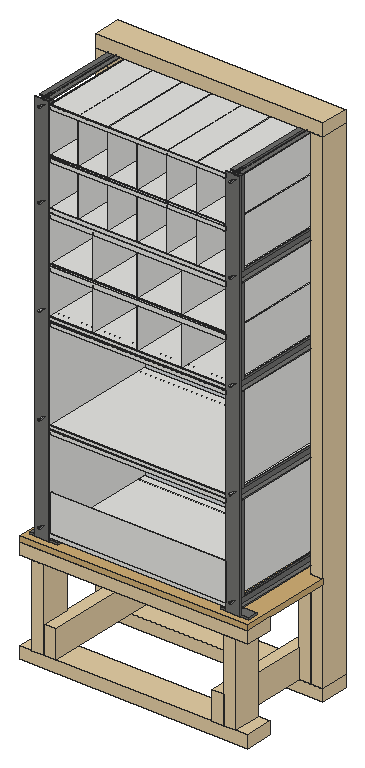
Revit family "Mailboxes_Aluminum-Rack_Ladder_System-Salsbury_Industries-4_Unit_High_Wall_Installation", category Specialty Equipment, host Wall, Revit 2016
Family settings
  Host = Wall
  Part Type = Normal
  Round Connector Dimension = Use Diameter
  OmniClass Number = 23.40.90.14.11
  OmniClass Title = Mail Boxes
  Always vertical = Yes
  Cut with Voids When Loaded = No
  Shared = No
  Room Calculation Point = No
Parameters (values of type "Single Column Installation-2200 Series Mailboxes-4 High")
  Version = "2.0 (06/30/18)"
  URL = "www.mailboxes.com"
  Type Comments = "Rack Ladder System for Aluminum Mailbox Units"
  Trim Material = Steel - Salsbury Finish - Black
  Starter and Add On Configuration (not applicable) = yes
  Starter Configuration (not applicable) = yes
  Rough Opening Width = 25.375"
  Rough Opening Height = 49.500"
  Rack Ladder Spacing = 23.875"
  Right RO Offset = 1.500"
  Rack Ladder Offset = 0.750"
  Rack Ladder Height = Rack Ladder Units : 2200C4
  Platform Material = Plywood
  OmniClass 23 Title = "Mail Boxes"
  OmniClass 23 Number = "23.40.90.14.11"
  Model = "2200 Series"
  MasterFormat Title = "Postal Specialties"
  MasterFormat Number = "10 55 00"
  Manufacturer = "Salsbury Industries"
  Lock Material = Stainless Steel -Salsbury Finish - Polished
  Left RO Offset = 1.500"
  Front Panel Material = Aluminum - Salsbury Finish - Aluminum
  End Column and Add On Configuration (not applicable) = yes
  Description = "4 Unit High  Installation - Single Column"
  Base Height [instance] = 13.780"
  Base Depth = 16.000"
  Back Enclosure Material = Steel - Salsbury Finish - Clear
  Assembly Code = "C1030910"
  2x4 Platform Support = Softwood, Lumber
  2200 Series Mailbox - Location 4 [instance] = 2200_Series_Aluminum_Mailboxes_Rack_Ladder_Units : 2212
  2200 Series Mailbox - Location 3 [instance] = 2200_Series_Aluminum_Mailboxes_Rack_Ladder_Units : 2208
  2200 Series Mailbox - Location 2 [instance] = 2200_Series_Aluminum_Mailboxes_Rack_Ladder_Units : 2201
  2200 Series Mailbox - Location 1 [instance] = 2200_Series_Aluminum_Mailboxes_Rack_Ladder_Units : 2280
Reference planes (in)
  plane 1 "Center of Wall": y = 0
  plane 2 "Center (Left/Right)": x = 0
  plane 3 "Front Face of Wall": y = 2.4375
  plane 4 "Left Side of RO": x = 12.6875
  plane 5 "Right Side of RO": x = -12.6875
  plane 6 "Top of RO": z = 63.28
  plane 7 "Bottom of RO": z = 13.78
  plane 8 "Back of Platform": y = -13.5625
  plane 9 "Floor": z = 0
  plane 10 "Back Face of Wall": y = -2.4375
  plane 11: y = -9.0625
  plane 12 "Base-Back Bottom Frame": z = 1.5
  plane 13 "Base-Back TopFrame": z = 11.655
  plane 14 "Base Center-Back TopFrame": z = 12.405
  plane 15 "Base Center-Back Bottom Frame": z = 0.75
  plane 16 "Bottom of Platform": z = 13.155
  plane 17 "Brace/Support Align-Right": x = -11.1875
  plane 18 "Brace/Support Align-Left": x = 11.1875
  plane 19 "Wall Opening Extension - Left": x = 14.1875
  plane 20 "Wall Opening Extension - Right": x = -14.1875
  plane 21 "Wall Opening Extension - Top": z = 64.78
  plane 22 "Right Rack Ladder Align": x = -11.9375
  plane 23 "Left Rack Ladder Align": x = 11.9375
  plane 24: z = 5
  plane 25: y = -1.75
  plane 26: y = 1.75
  plane 27 "Mail Align 1": z = 14.7175
  plane 28: z = 26.8425
  plane 29: z = 38.9675
  plane 30: z = 51.0925
  plane 31: z = 63.2175
  plane 32: z = 75.3425
  plane 33 "Center of Mailboxes": x = 0
  plane 34 "Mailbox Side Align": x = 11.5935
  plane 35: x = -12.6875
  plane 36: x = 12.6875
  plane 37: y = 2.0625
  plane 38: x = 9.6875
  plane 39: x = -9.6875
  plane 40: y = -10.0625
  plane 41 "15"AFF - Low Reach Limit": z = 15
Forms (in)
  Extrusion 1, void
    sketch origin (0, 0, 0) x (1, 0, 0) y (0, 0, 1)
      loop
        line (12.6875, 63.28) -> (-12.6875, 63.28) -> (-12.6875, 13.78) -> (12.6875, 13.78) -> (12.6875, 63.28)
    from -2.4375 to 2.4375
  Extrusion 2, void
    sketch origin (0, -2.4375, 0) x (-1, 0, 0) y (0, 0, 1)
      loop
        line (12.6875, 13.78) -> (-12.6875, 13.78) -> (-12.6875, 0) -> (12.6875, 0) -> (12.6875, 13.78)
    from 0 to 4.5
  Extrusion 3, solid, material "Softwood, Lumber" <- "2x4 Platform Support"
    sketch origin (0, 0, 0) x (1, 0, 0) y (0, 1, 0)
      loop
        line (14.1875, -13.5625) -> (14.1875, -10.0625) -> (-14.1875, -10.0625) -> (-14.1875, -13.5625) -> (14.1875, -13.5625)
    from 0 to 1.5
  Extrusion 4, solid, material "Softwood, Lumber" <- "2x4 Platform Support"
    sketch origin (0, 11.8125, 0) x (1, 0, 0) y (0, 1, 0)
      loop
        line (14.1875, -13.5625) -> (14.1875, -10.0625) -> (-14.1875, -10.0625) -> (-14.1875, -13.5625) -> (14.1875, -13.5625)
    from 0 to 1.5
  Extrusion 5, solid, material "Softwood, Lumber" <- "2x4 Platform Support"
    sketch origin (0, 0, 11.655) x (1, 0, 0) y (0, 1, 0)
      loop
        line (14.1875, -13.5625) -> (14.1875, -10.0625) -> (-14.1875, -10.0625) -> (-14.1875, -13.5625) -> (14.1875, -13.5625)
    from 0 to 1.5
  Extrusion 6, solid, material "Softwood, Lumber" <- "2x4 Platform Support"
    sketch origin (0, 0, 11.655) x (1, 0, 0) y (0, 1, 0)
      loop
        line (12.6875, -1.75) -> (12.6875, 1.75) -> (-12.6875, 1.75) -> (-12.6875, -1.75) -> (12.6875, -1.75)
    from 0 to 1.5
  Extrusion 7, solid, material "Softwood, Lumber" <- "2x4 Platform Support"
    sketch origin (-12.6875, 0, 0) x (0, 0, -1) y (0, 1, 0)
      loop
        line (-11.655, -13.5625) -> (-1.5, -13.5625) -> (-1.5, -10.0625) -> (-11.655, -10.0625) -> (-11.655, -13.5625)
    from 0 to 1.5
  Extrusion 8, solid, material "Softwood, Lumber" <- "2x4 Platform Support"
    sketch origin (-12.6875, 0, 0) x (0, 0, -1) y (0, 1, 0)
      loop
        line (-11.655, -1.75) -> (-1.5, -1.75) -> (-1.5, 1.75) -> (-11.655, 1.75) -> (-11.655, -1.75)
    from 0 to 1.5
  Extrusion 9, solid, material "Softwood, Lumber" <- "2x4 Platform Support", visible <- "End Column and Add On Configuration (not applicable)"
    sketch origin (12.6875, 0, 0) x (0, 0, -1) y (0, 1, 0)
      loop
        line (-11.655, -13.5625) -> (-1.5, -13.5625) -> (-1.5, -10.0625) -> (-11.655, -10.0625) -> (-11.655, -13.5625)
    from 0 to -1.5
  Extrusion 10, solid, material "Softwood, Lumber" <- "2x4 Platform Support", visible <- "End Column and Add On Configuration (not applicable)"
    sketch origin (12.6875, 0, 0) x (0, 0, -1) y (0, 1, 0)
      loop
        line (-11.655, -1.75) -> (-1.5, -1.75) -> (-1.5, 1.75) -> (-11.655, 1.75) -> (-11.655, -1.75)
    from 0 to -1.5
  Extrusion 11, solid, material "Softwood, Lumber" <- "2x4 Platform Support"
    sketch origin (-11.1875, 0, 0) x (0, 0, -1) y (0, -1, 0)
      loop
        line (-1.5, 13.5625) -> (-5, 13.5625) -> (-5, -1.75) -> (-1.5, -1.75) -> (-1.5, 13.5625)
    from 0 to -1.5
  Extrusion 12, solid, material "Softwood, Lumber" <- "2x4 Platform Support", visible <- "End Column and Add On Configuration (not applicable)"
    sketch origin (11.1875, 0, 0) x (0, 0, -1) y (0, -1, 0)
      loop
        line (-1.5, 13.5625) -> (-5, 13.5625) -> (-5, -1.75) -> (-1.5, -1.75) -> (-1.5, 13.5625)
    from 0 to 1.5
  Extrusion 13, void
    sketch origin (0, 0, 64.78) x (0, -1, 0) y (1, 0, 0)
      loop
        line (2.4375, -14.1875) -> (2.4375, 14.1875) -> (-2.06201, 14.1875) -> (-2.06201, -14.1875) -> (2.4375, -14.1875)
    from -64.78 to 0
  Extrusion 14, solid, material "Softwood, Lumber" <- "2x4 Platform Support", visible <- "End Column and Add On Configuration (not applicable)"
    sketch origin (14.1875, 0, 0) x (0, -1, 0) y (0, 0, 1)
      loop
        line (1.75, 1.5) -> (1.75, 63.28) -> (-1.75, 63.28) -> (-1.75, 1.5) -> (1.75, 1.5)
    from 0 to 1.5
  Extrusion 15, solid, material "Softwood, Lumber" <- "2x4 Platform Support", visible <- "Starter and Add On Configuration (not applicable)"
    sketch origin (-14.1875, 0, 0) x (0, -1, 0) y (0, 0, 1)
      loop
        line (1.75, 1.5) -> (1.75, 63.28) -> (-1.75, 63.28) -> (-1.75, 1.5) -> (1.75, 1.5)
    from 0 to -1.5
  Extrusion 16, solid, material "Softwood, Lumber" <- "2x4 Platform Support"
    sketch origin (0, 11.8125, 64.78) x (0, -1, 0) y (1, 0, 0)
      loop
        line (13.5625, 14.1875) -> (10.0625, 14.1875) -> (10.0625, -14.1875) -> (13.5625, -14.1875) -> (13.5625, 14.1875)
    from 0 to -1.5
  Extrusion 17, solid, material "Plywood" <- "Platform Material"
    sketch origin (0, 0, 13.155) x (0, -1, 0) y (1, 0, 0)
      loop
        line (13.5625, -14.1875) -> (13.5625, 14.1875) -> (-2.0625, 14.1875) -> (-2.0625, -14.1875) -> (13.5625, -14.1875)
    from 0 to 0.625
  Extrusion 18, void
    sketch origin (-12.6875, 0, 0) x (0, 0, -1) y (0, 1, 0)
      loop
        line (-13.155, 2.0625) -> (-13.78, 2.0625) -> (-13.78, -1.75) -> (-13.155, -1.75) -> (-13.155, 2.0625)
    from 0 to -1.5
  Extrusion 19, void
    sketch origin (12.6875, 0, 0) x (0, 0, -1) y (0, 1, 0)
      loop
        line (-13.155, 2.0625) -> (-13.78, 2.0625) -> (-13.78, -1.75) -> (-13.155, -1.75) -> (-13.155, 2.0625)
    from 0 to 1.5
Cuts and joins
  Extrusion 18 cuts Extrusion 6
  Extrusion 18, Extrusion 19 cuts Extrusion 17
Lines and regions (in)
  symbolic lines
    curve 1: line (-14.1875, -13.5625, 14.7175) -> (14.1875, -13.5625, 14.7175)
    curve 2: line (-14.1875, 1.75, 14.7175) -> (-14.1875, -13.5625, 14.7175)
    curve 3: line (14.1875, 1.75, 14.7175) -> (-14.1875, 1.75, 14.7175)
    curve 4: line (14.1875, -13.5625, 14.7175) -> (14.1875, 1.75, 14.7175)
    curve 5: line (-14.1875, -1.75, 14.7175) -> (14.1875, -1.75, 14.7175)
    curve 6: line (-12.6875, -1.75, 64.78) -> (-12.6875, 1.75, 64.78)
    curve 7: line (-12.6875, -1.75, 0) -> (-12.6875, -1.75, 64.78)
    curve 8: line (-12.6875, 1.75, 0) -> (-12.6875, -1.75, 0)
    curve 9: line (-12.6875, 1.75, 64.78) -> (-12.6875, 1.75, 0)
    curve 10: line (-12.6875, -13.5625, 13.155) -> (-12.6875, -10.0625, 13.155)
    curve 11: line (-12.6875, -13.5625, 0) -> (-12.6875, -13.5625, 13.155)
    curve 12: line (-12.6875, -10.0625, 0) -> (-12.6875, -13.5625, 0)
    curve 13: line (-12.6875, -10.0625, 13.155) -> (-12.6875, -10.0625, 0)
    curve 14: line (-12.6875, -13.5625, 11.655) -> (-12.6875, -10.0625, 11.655)
    curve 15: line (-12.6875, -13.5625, 1.5) -> (-12.6875, 1.75, 1.5)
    curve 16: line (-12.6875, -10.0625, 5) -> (-12.6875, -1.75, 5)
    curve 17: line (-12.6875, -13.5625, 13.78) -> (-12.6875, -1.75, 13.78)
    curve 18: line (-12.6875, -13.5625, 13.155) -> (-12.6875, -13.5625, 13.78)
    curve 19: line (-12.6875, -1.75, 13.155) -> (-12.6875, -13.5625, 13.155)
    curve 20: line (-12.6875, -1.75, 63.28) -> (-12.6875, 1.75, 63.28)
    curve 21: line (-14.1875, 0, 64.78) -> (14.1875, 0, 64.78)
    curve 22: line (-14.1875, 0, 63.28) -> (-14.1875, 0, 64.78)
    curve 23: line (14.1875, 0, 63.28) -> (-14.1875, 0, 63.28)
    curve 24: line (14.1875, 0, 64.78) -> (14.1875, 0, 63.28)
    curve 25: line (-14.1875, 0, 63.28) -> (-14.1875, 0, 1.5)
    curve 26: line (14.1875, 0, 63.28) -> (14.1875, 0, 1.5)
    curve 27: line (-14.1875, 0, 0) -> (14.1875, 0, 0)
    curve 28: line (-14.1875, 0, 1.5) -> (-14.1875, 0, 0)
    curve 29: line (14.1875, 0, 1.5) -> (-14.1875, 0, 1.5)
    curve 30: line (14.1875, 0, 0) -> (14.1875, 0, 1.5)
    curve 31: line (-14.1875, 0, 13.155) -> (14.1875, 0, 13.155)
    curve 32: line (-14.1875, 0, 13.78) -> (14.1875, 0, 13.78)
    curve 33: line (14.1875, 0, 11.655) -> (-14.1875, 0, 11.655)
    curve 34: line (-12.6875, 0, 1.5) -> (-12.6875, 0, 11.655)
    curve 35: line (-11.1875, 0, 1.5) -> (-11.1875, 0, 11.655)
    curve 36: line (-9.6875, 0, 1.5) -> (-9.6875, 0, 5)
    curve 37: line (-11.1875, 0, 5) -> (-9.6875, 0, 5)
    curve 38: line (11.1875, 0, 1.5) -> (11.1875, 0, 11.655)
    curve 39: line (12.6875, 0, 1.5) -> (12.6875, 0, 11.655)
    curve 40: line (9.6875, 0, 1.5) -> (9.6875, 0, 5)
    curve 41: line (11.1875, 0, 5) -> (9.6875, 0, 5)
Text (in)
  text "Placement Side" at (0, 40.15149, 123.01588), in view "Right"
  text "Placement Side" at (-58.6842, 42.74981, 0), in view "Ref. Level"
  text "Placement Side" at (0, 47.49176, 140.59947), in view "Left"
Dimensions and locks (in)
  locked: plane 3 "Front Face of Wall" to host wall
  equal spacing: plane 4 "Left Side of RO", plane 2 "Center (Left/Right)", plane 5 "Right Side of RO"
  "Rough Opening Width": plane 4 "Left Side of RO" to plane 5 "Right Side of RO"
  "Rough Opening Height": plane 7 "Bottom of RO" to plane 6 "Top of RO"
  "Base Height": plane 9 "Floor" to plane 7 "Bottom of RO"
  "Base Depth": plane 8 "Back of Platform" to plane 3 "Front Face of Wall"
  plane 8 "Back of Platform" to plane 11 = 4.500"
  plane 24 to plane 12 "Base-Back Bottom Frame" to plane 15 "Base Center-Back Bottom Frame" to plane 9 "Floor" = 3.500", 0.750", 0.750"
  plane 7 "Bottom of RO" to plane 16 "Bottom of Platform" to plane 14 "Base Center-Back TopFrame" to plane 13 "Base-Back TopFrame" = 0.625", 0.750", 0.750"
  plane 5 "Right Side of RO" to plane 17 "Brace/Support Align-Right" to plane 39 = 1.500" locked, 1.500" locked
  plane 38 to plane 18 "Brace/Support Align-Left" to plane 4 "Left Side of RO" = 1.500" locked, 1.500" locked
  "Left RO Offset": plane 4 "Left Side of RO" to plane 19 "Wall Opening Extension - Left"
  "Right RO Offset": plane 20 "Wall Opening Extension - Right" to plane 5 "Right Side of RO"
  locked: plane 21 "Wall Opening Extension - Top" to plane 6 "Top of RO" at 1.5
  "Rack Ladder Spacing": plane 22 "Right Rack Ladder Align" to plane 23 "Left Rack Ladder Align"
  plane 25 to plane 1 "Center of Wall" to plane 26 = 1.750", 1.750"
  "Rack Ladder Offset": plane 22 "Right Rack Ladder Align" to plane 5 "Right Side of RO"
  plane 32 to plane 31 to plane 30 to plane 29 to plane 28 to plane 27 "Mail Align 1" to plane 7 "Bottom of RO" = 12.125", 12.125", 12.125", 12.125", 12.125", 0.9375"
  equal spacing: plane 22 "Right Rack Ladder Align", plane 33 "Center of Mailboxes", plane 23 "Left Rack Ladder Align"
  locked: plane 34 "Mailbox Side Align" to plane 23 "Left Rack Ladder Align" at 0.344
  locked: plane 20 "Wall Opening Extension - Right" to plane 35 at 1.5
  locked: plane 36 to plane 19 "Wall Opening Extension - Left" at 1.5
  locked: plane 37 to plane 3 "Front Face of Wall" at 0.375
  locked: plane 41 "15"AFF - Low Reach Limit" to plane 9 "Floor" at 15
  aligned and locked: plane 9 "Floor" to level
  aligned and locked: plane 6 "Top of RO" to Extrusion 1 sketch curve
  aligned and locked: plane 5 "Right Side of RO" to Extrusion 1 sketch curve
  aligned and locked: Extrusion 1 sketch curve to plane 4 "Left Side of RO"
  aligned and locked: Extrusion 1 sketch curve to plane 7 "Bottom of RO"
  aligned and locked: host wall to Extrusion 1  (x2)
  aligned and locked: plane 10 "Back Face of Wall" to host wall
  aligned and locked: plane 7 "Bottom of RO" to Extrusion 2 sketch curve
  aligned and locked: Extrusion 2 sketch curve to plane 4 "Left Side of RO"
  aligned and locked: plane 5 "Right Side of RO" to Extrusion 2 sketch curve
  aligned and locked: Extrusion 2 sketch curve to plane 9 "Floor"
  aligned and locked: Extrusion 3 to plane 12 "Base-Back Bottom Frame"
  aligned and locked: plane 4 "Left Side of RO" to Extrusion 6
  aligned and locked: Extrusion 6 to plane 5 "Right Side of RO"
  aligned and locked: plane 12 "Base-Back Bottom Frame" to Extrusion 7
  aligned and locked: Extrusion 7 to plane 13 "Base-Back TopFrame"
  aligned and locked: plane 13 "Base-Back TopFrame" to Extrusion 5
  aligned and locked: plane 12 "Base-Back Bottom Frame" to Extrusion 8
  aligned and locked: plane 12 "Base-Back Bottom Frame" to Extrusion 9
  aligned and locked: plane 12 "Base-Back Bottom Frame" to Extrusion 10
  aligned and locked: Extrusion 9 to plane 13 "Base-Back TopFrame"
  aligned and locked: Extrusion 10 to plane 13 "Base-Back TopFrame"
  aligned and locked: Extrusion 4 to Extrusion 12
  aligned and locked: Extrusion 4 to Extrusion 11
  aligned and locked: Extrusion 13 sketch curve to plane 20 "Wall Opening Extension - Right"
  aligned and locked: plane 19 "Wall Opening Extension - Left" to Extrusion 13 sketch curve
  aligned and locked: Extrusion 4 to plane 19 "Wall Opening Extension - Left"
  aligned and locked: plane 20 "Wall Opening Extension - Right" to Extrusion 4
  aligned and locked: Extrusion 17 to plane 7 "Bottom of RO"
  aligned and locked: Extrusion 13 to level
  aligned and locked: plane 24 to Extrusion 12
  aligned and locked: Extrusion 11 to plane 24
  aligned and locked: nested 1 to plane 7 "Bottom of RO"
  aligned and locked: nested 2 to plane 23 "Left Rack Ladder Align"
  aligned and locked: nested 1 to plane 22 "Right Rack Ladder Align"
  aligned and locked: plane 7 "Bottom of RO" to nested 2
  aligned and locked: plane 3 "Front Face of Wall" to nested 1
  aligned and locked: nested 2 to plane 3 "Front Face of Wall"
  aligned and locked: Extrusion 5 to Extrusion 4
  aligned and locked: Extrusion 5 to plane 19 "Wall Opening Extension - Left"
  aligned and locked: Extrusion 5 to Extrusion 17
  aligned and locked: Extrusion 17 to Extrusion 5
  aligned and locked: Extrusion 4 to Extrusion 3  (x2)
  aligned and locked: Extrusion 4 to plane 12 "Base-Back Bottom Frame"
  aligned and locked: plane 12 "Base-Back Bottom Frame" to Extrusion 15
  aligned and locked: Extrusion 15 to plane 6 "Top of RO"
  aligned and locked: Extrusion 14 to plane 6 "Top of RO"
  aligned and locked: Extrusion 16 to plane 19 "Wall Opening Extension - Left"
  aligned and locked: plane 20 "Wall Opening Extension - Right" to Extrusion 16
  aligned and locked: Extrusion 17 to Extrusion 3  (x2)
  aligned and locked: plane 25 to Extrusion 4
  aligned and locked: Extrusion 4 to plane 26
  aligned and locked: plane 25 to Extrusion 14
  aligned and locked: Extrusion 14 to plane 26
  aligned and locked: Extrusion 10 to plane 26
  aligned and locked: plane 25 to Extrusion 10
  aligned and locked: plane 25 to cut or joined group of Extrusion 6, Extrusion 18
  aligned and locked: cut or joined group of Extrusion 6, Extrusion 18 to plane 26
  aligned and locked: plane 25 to Extrusion 8
  aligned and locked: Extrusion 8 to plane 26
  aligned and locked: Extrusion 16 to plane 26  (x2)
  aligned and locked: plane 25 to Extrusion 16
  aligned and locked: cut or joined group of Extrusion 17, Extrusion 18, Extrusion 19 to Extrusion 18
  aligned and locked: Extrusion 18 to Extrusion 4
  aligned and locked: Extrusion 19 to cut or joined group of Extrusion 17, Extrusion 18, Extrusion 19
  aligned and locked: Extrusion 4 to Extrusion 19
  aligned and locked: plane 3 "Front Face of Wall" to nested 4
  aligned and locked: nested 6 to plane 3 "Front Face of Wall"
  aligned and locked: nested 5 to plane 3 "Front Face of Wall"
  aligned and locked: plane 27 "Mail Align 1" to nested 3
  aligned and locked: plane 28 to nested 4
  aligned and locked: plane 29 to nested 5
  aligned and locked: plane 30 to nested 6
  aligned and locked: nested 3 to plane 3 "Front Face of Wall"
  aligned and locked: nested 6 to plane 34 "Mailbox Side Align"
  aligned and locked: nested 5 to plane 34 "Mailbox Side Align"
  aligned and locked: nested 4 to plane 34 "Mailbox Side Align"
  aligned and locked: nested 3 to plane 34 "Mailbox Side Align"
  aligned and locked: Extrusion 15 to plane 26
  aligned and locked: plane 25 to Extrusion 15
  aligned and locked: plane 25 to Extrusion 15 sketch curve
  aligned and locked: Extrusion 15 sketch curve to plane 26
  aligned and locked: Extrusion 15 sketch curve to plane 6 "Top of RO"
  aligned and locked: plane 12 "Base-Back Bottom Frame" to Extrusion 15 sketch curve
  aligned and locked: Extrusion 15 to plane 35
  aligned and locked: plane 20 "Wall Opening Extension - Right" to Extrusion 15
  aligned and locked: plane 12 "Base-Back Bottom Frame" to Extrusion 14 sketch curve
  aligned and locked: plane 25 to Extrusion 14 sketch curve
  aligned and locked: Extrusion 14 sketch curve to plane 26
  aligned and locked: Extrusion 14 sketch curve to plane 6 "Top of RO"
  aligned and locked: Extrusion 14 to plane 36
  aligned and locked: Extrusion 14 to plane 19 "Wall Opening Extension - Left"
  aligned and locked: plane 26 to Extrusion 16 sketch curve
  aligned and locked: Extrusion 16 sketch curve to plane 20 "Wall Opening Extension - Right"
  aligned and locked: Extrusion 16 sketch curve to plane 25
  aligned and locked: plane 19 "Wall Opening Extension - Left" to Extrusion 16 sketch curve
  aligned and locked: Extrusion 16 to plane 21 "Wall Opening Extension - Top"
  aligned and locked: plane 6 "Top of RO" to Extrusion 16
  aligned and locked: plane 20 "Wall Opening Extension - Right" to Extrusion 17 sketch curve
  aligned and locked: Extrusion 17 sketch curve to plane 19 "Wall Opening Extension - Left"
  aligned and locked: plane 8 "Back of Platform" to Extrusion 17 sketch curve
  aligned and locked: plane 37 to Extrusion 17 sketch curve
  aligned and locked: plane 16 "Bottom of Platform" to cut or joined group of Extrusion 17, Extrusion 18, Extrusion 19
  aligned and locked: plane 5 "Right Side of RO" to Extrusion 6 sketch curve
  aligned and locked: plane 26 to Extrusion 6 sketch curve
  aligned and locked: Extrusion 6 sketch curve to plane 25
  aligned and locked: Extrusion 6 sketch curve to plane 4 "Left Side of RO"
  aligned and locked: plane 13 "Base-Back TopFrame" to cut or joined group of Extrusion 6, Extrusion 18
  aligned and locked: cut or joined group of Extrusion 6, Extrusion 18 to plane 16 "Bottom of Platform"
  aligned and locked: plane 40 to Extrusion 5 sketch curve
  aligned and locked: Extrusion 5 sketch curve to plane 8 "Back of Platform"
  aligned and locked: Extrusion 5 sketch curve to plane 20 "Wall Opening Extension - Right"
  aligned and locked: plane 19 "Wall Opening Extension - Left" to Extrusion 5 sketch curve
  aligned and locked: Extrusion 5 to plane 16 "Bottom of Platform"
  aligned and locked: plane 13 "Base-Back TopFrame" to Extrusion 8 sketch curve
  aligned and locked: Extrusion 8 sketch curve to plane 25
  aligned and locked: plane 26 to Extrusion 8 sketch curve
  aligned and locked: Extrusion 8 sketch curve to plane 12 "Base-Back Bottom Frame"
  aligned and locked: Extrusion 8 to plane 17 "Brace/Support Align-Right"
  aligned and locked: Extrusion 8 to plane 5 "Right Side of RO"
  aligned and locked: plane 13 "Base-Back TopFrame" to Extrusion 7 sketch curve
  aligned and locked: Extrusion 7 sketch curve to plane 12 "Base-Back Bottom Frame"
  aligned and locked: plane 40 to Extrusion 7 sketch curve
  aligned and locked: Extrusion 7 sketch curve to plane 8 "Back of Platform"
  aligned and locked: Extrusion 7 to plane 17 "Brace/Support Align-Right"
  aligned and locked: Extrusion 7 to plane 5 "Right Side of RO"
  aligned and locked: Extrusion 11 sketch curve to plane 24
  aligned and locked: plane 12 "Base-Back Bottom Frame" to Extrusion 11 sketch curve
  aligned and locked: plane 8 "Back of Platform" to Extrusion 11 sketch curve
  aligned and locked: Extrusion 11 sketch curve to plane 26
  aligned and locked: plane 39 to Extrusion 11
  aligned and locked: plane 17 "Brace/Support Align-Right" to Extrusion 11
  aligned and locked: plane 13 "Base-Back TopFrame" to Extrusion 10 sketch curve
  aligned and locked: Extrusion 10 sketch curve to plane 12 "Base-Back Bottom Frame"
  aligned and locked: Extrusion 10 sketch curve to plane 25
  aligned and locked: plane 26 to Extrusion 10 sketch curve
  aligned and locked: plane 4 "Left Side of RO" to Extrusion 10
  aligned and locked: plane 18 "Brace/Support Align-Left" to Extrusion 10
  aligned and locked: plane 13 "Base-Back TopFrame" to Extrusion 9 sketch curve
  aligned and locked: Extrusion 9 sketch curve to plane 12 "Base-Back Bottom Frame"
  aligned and locked: plane 40 to Extrusion 9 sketch curve
  aligned and locked: Extrusion 9 sketch curve to plane 8 "Back of Platform"
  aligned and locked: plane 4 "Left Side of RO" to Extrusion 9
  aligned and locked: plane 18 "Brace/Support Align-Left" to Extrusion 9
  aligned and locked: Extrusion 12 sketch curve to plane 26
  aligned and locked: Extrusion 12 sketch curve to plane 24
  aligned and locked: plane 12 "Base-Back Bottom Frame" to Extrusion 12 sketch curve
  aligned and locked: plane 8 "Back of Platform" to Extrusion 12 sketch curve
  aligned and locked: Extrusion 12 to plane 18 "Brace/Support Align-Left"
  aligned and locked: Extrusion 12 to plane 38
  aligned and locked: plane 26 to Extrusion 4 sketch curve
  aligned and locked: Extrusion 4 sketch curve to plane 25
  aligned and locked: plane 19 "Wall Opening Extension - Left" to Extrusion 4 sketch curve
  aligned and locked: Extrusion 4 sketch curve to plane 20 "Wall Opening Extension - Right"
  aligned and locked: plane 9 "Floor" to Extrusion 4
  aligned and locked: plane 40 to Extrusion 3 sketch curve
  aligned and locked: Extrusion 3 sketch curve to plane 8 "Back of Platform"
  aligned and locked: plane 19 "Wall Opening Extension - Left" to Extrusion 3 sketch curve
  aligned and locked: Extrusion 3 sketch curve to plane 20 "Wall Opening Extension - Right"
  aligned and locked: plane 9 "Floor" to Extrusion 3
  aligned and locked: plane 8 "Back of Platform" to curve 1
  aligned and locked: plane 20 "Wall Opening Extension - Right" to curve 2
  aligned and locked: curve 4 to plane 19 "Wall Opening Extension - Left"
  aligned and locked: plane 20 "Wall Opening Extension - Right" to curve 5
  aligned and locked: plane 19 "Wall Opening Extension - Left" to curve 5
  aligned and locked: plane 25 to curve 5
  aligned and locked: curve 7 to plane 25
  aligned and locked: plane 21 "Wall Opening Extension - Top" to curve 6
  aligned and locked: plane 26 to curve 9
  aligned and locked: curve 8 to plane 9 "Floor"
  aligned and locked: curve 12 to plane 9 "Floor"
  aligned and locked: plane 40 to curve 13
  aligned and locked: curve 11 to plane 8 "Back of Platform"
  aligned and locked: plane 16 "Bottom of Platform" to curve 10
  aligned and locked: plane 13 "Base-Back TopFrame" to curve 14
  aligned and locked: plane 12 "Base-Back Bottom Frame" to curve 15
  aligned and locked: plane 40 to curve 16
  aligned and locked: plane 25 to curve 16
  aligned and locked: plane 24 to curve 16
  aligned and locked: plane 7 "Bottom of RO" to curve 17
  aligned and locked: curve 19 to plane 16 "Bottom of Platform"
  aligned and locked: curve 18 to plane 8 "Back of Platform"
  aligned and locked: plane 26 to curve 20
  aligned and locked: plane 6 "Top of RO" to curve 20
  aligned and locked: curve 23 to plane 6 "Top of RO"
  aligned and locked: plane 21 "Wall Opening Extension - Top" to curve 21
  aligned and locked: plane 19 "Wall Opening Extension - Left" to curve 24
  aligned and locked: curve 22 to plane 20 "Wall Opening Extension - Right"
  aligned and locked: plane 6 "Top of RO" to curve 25
  aligned and locked: plane 12 "Base-Back Bottom Frame" to curve 25
  aligned and locked: plane 19 "Wall Opening Extension - Left" to curve 26
  aligned and locked: curve 29 to plane 12 "Base-Back Bottom Frame"
  aligned and locked: plane 9 "Floor" to curve 27
  aligned and locked: plane 20 "Wall Opening Extension - Right" to curve 28
  aligned and locked: curve 30 to plane 19 "Wall Opening Extension - Left"
  aligned and locked: plane 16 "Bottom of Platform" to curve 31
  aligned and locked: plane 20 "Wall Opening Extension - Right" to curve 33
  aligned and locked: plane 19 "Wall Opening Extension - Left" to curve 33
  aligned and locked: plane 7 "Bottom of RO" to curve 32
  aligned and locked: curve 33 to plane 13 "Base-Back TopFrame"
  aligned and locked: plane 24 to curve 36
  aligned and locked: curve 34 to plane 35
  aligned and locked: curve 35 to plane 17 "Brace/Support Align-Right"
  aligned and locked: plane 39 to curve 36
  aligned and locked: plane 17 "Brace/Support Align-Right" to curve 37
  aligned and locked: plane 39 to curve 37
  aligned and locked: plane 24 to curve 37
  aligned and locked: plane 13 "Base-Back TopFrame" to curve 39
  aligned and locked: plane 24 to curve 40
  aligned and locked: curve 39 to plane 36
  aligned and locked: curve 38 to plane 18 "Brace/Support Align-Left"
  aligned and locked: plane 38 to curve 40
  aligned and locked: plane 18 "Brace/Support Align-Left" to curve 41
  aligned and locked: plane 38 to curve 41
  aligned and locked: curve 41 to plane 24
Automatic sketch dimensions
  host wall to Extrusion 13 sketch curve = 0.000"
  Extrusion 13 sketch curve to host wall = 0.37549"
  plane 7 "Bottom of RO" to Extrusion 18 sketch curve = 0.000"
  plane 16 "Bottom of Platform" to Extrusion 18 sketch curve = 0.000"
  Extrusion 18 sketch curve to host wall = 0.6875"
  Extrusion 18 sketch curve to host wall = 0.375"
  plane 7 "Bottom of RO" to Extrusion 19 sketch curve = 0.000"
  plane 16 "Bottom of Platform" to Extrusion 19 sketch curve = 0.000"
  Extrusion 19 sketch curve to host wall = 0.6875"
  Extrusion 19 sketch curve to host wall = 0.375"
  plane 26 to curve 4 = 0.000"
Nested families (in)
  nested 1: "Rack Ladder Units" at (-11.9375, -5.125, 13.78), type <- "Rack Ladder Height", type "2200C4"
  nested 2: "Rack Ladder Units" at (11.9375, -5.125, 13.78) x (-1, 0, 0) z (0, 0, 1), type <- "Rack Ladder Height", visible <- "End Column and Add On Configuration (not applicable)", type "2200C4"
  nested 3: "2200_Series_Aluminum_Mailboxes_Rack_Ladder_Units" at (-0.0315, -5.3125, 14.7175) x (-1, 0, 0) z (0, 0, 1), type <- "2200 Series Mailbox - Location 1", type "2280"
    with Door Slot #9 Number "9", Door Slot #8 Number "8", Door Slot #7 Number "7", Door Slot #6 Number "6", Door Slot #5 Number "5", Door Slot #4 Number "4", Door Slot #3 Number "3", Door Slot #2 Number "2", Door Slot #17 Number "0", Door Slot #16 Number "0", Door Slot #15 Number "0", Door Slot #14 Number "0", Door Slot #13 Number "0", Door Slot #12 Number "1\r\n2", Door Slot #11 Number "1\r\n1", Door Slot #10 Number "1\r\n0", Door Slot #1 Number "1", Door Numbers yes
  nested 4: "2200_Series_Aluminum_Mailboxes_Rack_Ladder_Units" at (-0.0315, -5.3125, 26.8425) x (-1, 0, 0) z (0, 0, 1), type <- "2200 Series Mailbox - Location 2", type "2201"
    with Door Slot #9 Number "9", Door Slot #8 Number "8", Door Slot #7 Number "7", Door Slot #6 Number "6", Door Slot #5 Number "5", Door Slot #4 Number "4", Door Slot #3 Number "3", Door Slot #2 Number "2", Door Slot #17 Number "0", Door Slot #16 Number "0", Door Slot #15 Number "0", Door Slot #14 Number "0", Door Slot #13 Number "0", Door Slot #12 Number "1\r\n2", Door Slot #11 Number "1\r\n1", Door Slot #10 Number "1\r\n0", Door Slot #1 Number "1", Door Numbers yes
  nested 5: "2200_Series_Aluminum_Mailboxes_Rack_Ladder_Units" at (-0.0315, -5.3125, 38.9675) x (-1, 0, 0) z (0, 0, 1), type <- "2200 Series Mailbox - Location 3", type "2208"
    with Door Slot #9 Number "9", Door Slot #8 Number "8", Door Slot #7 Number "7", Door Slot #6 Number "6", Door Slot #5 Number "5", Door Slot #4 Number "4", Door Slot #3 Number "3", Door Slot #2 Number "2", Door Slot #17 Number "0", Door Slot #16 Number "0", Door Slot #15 Number "0", Door Slot #14 Number "0", Door Slot #13 Number "0", Door Slot #12 Number "1\r\n2", Door Slot #11 Number "1\r\n1", Door Slot #10 Number "1\r\n0", Door Slot #1 Number "1", Door Numbers yes
  nested 6: "2200_Series_Aluminum_Mailboxes_Rack_Ladder_Units" at (-0.0315, -5.3125, 51.0925) x (-1, 0, 0) z (0, 0, 1), type <- "2200 Series Mailbox - Location 4", type "2212"
    with Door Slot #9 Number "9", Door Slot #8 Number "8", Door Slot #7 Number "7", Door Slot #6 Number "6", Door Slot #5 Number "5", Door Slot #4 Number "4", Door Slot #3 Number "3", Door Slot #2 Number "2", Door Slot #17 Number "0", Door Slot #16 Number "0", Door Slot #15 Number "0", Door Slot #14 Number "0", Door Slot #13 Number "0", Door Slot #12 Number "1\r\n2", Door Slot #11 Number "1\r\n1", Door Slot #10 Number "1\r\n0", Door Slot #1 Number "1", Door Numbers yes
Definition of nested family "Rack Ladder Units"
  Parameters (values of type "2200C3")
    Width = 3.500"
    Visible = yes
    Version = "1.0 (04/30/16)"
    Type Comments = "Rack Ladder for Aluminum Mailboxes"
    Trim Material = none
    Number of Dividers = 3
    Model = "2200C3"
    Manufacturer = "Salsbury Industries"
    Lock Material = none
    Height = 37.375"
    Divider Spacing = 24.250"
    Description = "3 High - Custom"
    Depth = 15.875"
  Types (7): name | Visible | Number of Dividers | Model | Height | Divider Spacing | Description
    (no name) | yes | 3 | "2200C3" | 37.375" | 24.250" | "3 High - Custom"
    2200C6 | yes | 6 | "2200C6" | 73.750" | 60.625" | "6 High - Custom"
    2200C5 | yes | 5 | "2200C5" | 61.625" | 48.500" | "5 High - Standard"
    2200C4 | yes | 4 | "2200C4" | 49.500" | 36.375" | "4 High - Custom"
    2200C3 | yes | 3 | "2200C3" | 37.375" | 24.250" | "3 High - Custom"
    2200C2 | yes | 2 | "2200C2" | 25.250" | 12.125" | "2 High - Custom"
    None | no | 2 | "2200C2" | 25.250" | 12.125" | "2 High - Custom"
  Reference planes (in)
    plane 1 "Center (Front/Back)": y = 0
    plane 2 "bottom": z = 0
    plane 3 "Center (Left/Right)": x = 0
    plane 4 "left": y = -7.5625
    plane 5 "right": y = 7.5625
    plane 6 "Bottom of top divider": z = 37.3125
    plane 7 "back": x = -0.625
    plane 8 "front": x = 0.625
    plane 9: z = 0.9375
    plane 10: z = 13.0625
    plane 11: z = 25.1875
    plane 12: z = 37.3125
    plane 13: z = 49.4375
    plane 14: z = 25.1875
    plane 15 "Vertical Bar Base": z = 0.25
    plane 16: y = -6.3125
    plane 17: y = 6.0625
    plane 18: x = 1.75
    plane 19: x = -1.75
    plane 20: x = 0.125
    plane 21: x = -0.125
    plane 22: y = 7.3125
    plane 23 "Divider Left Align": y = -7.3125
    plane 24: x = 0.875
    plane 25: x = -0.875
    plane 26 "Back Plate Align": y = -7.8125
    plane 27 "Divider Right Align": y = 7.0625
    plane 28: y = -7.875
    plane 29: y = -8.3125
    plane 30 "top": z = 37.375
    plane 31: y = 6.3125
  Forms (in)
    Extrusion 1, solid, material <- "Trim Material", visible <- "Visible"
      sketch origin (0, 0, 0) x (1, 0, 0) y (0, 1, 0)
        loop
          line (-1.75, -6.3125) -> (-1.75, -7.5625) -> (1.75, -7.5625) -> (1.75, -6.3125) -> (-1.75, -6.3125)
      from 0 to 0.25
    Extrusion 2, solid, material <- "Trim Material", visible <- "Visible"
      sketch origin (0, -0.125, 0.25) x (1, 0, 0) y (0, 1, 0)
        loop
          line (-0.125, -6.1875) -> (-0.125, -7.4375) -> (0.125, -7.4375) -> (0.125, -6.1875) -> (-0.125, -6.1875)
      from 0 to 37.125
    Extrusion 3, solid, material <- "Trim Material", visible <- "Visible"
      sketch origin (0, 0, 0) x (1, 0, 0) y (0, 1, 0)
        loop
          line (-0.625, 6.3125) -> (1.75, 6.3125) -> (1.75, 7.5625) -> (-0.625, 7.5625) -> (-0.625, 6.3125)
      from 0 to 0.25
    Extrusion 4, solid, material <- "Trim Material", visible <- "Visible"
      sketch origin (0, -0.25, 0.25) x (1, 0, 0) y (0, 1, 0)
        loop
          line (-0.125, 6.3125) -> (0.125, 6.3125) -> (0.125, 7.5625) -> (-0.125, 7.5625) -> (-0.125, 6.3125)
      from 0 to 37.125
    Extrusion 5, solid, material <- "Trim Material", visible <- "Visible"
      sketch origin (0, 0, 0.25) x (1, 0, 0) y (0, 1, 0)
        loop
          line (-0.625, 7.5625) -> (-0.625, 7.3125) -> (0.625, 7.3125) -> (0.625, 7.5625) -> (-0.625, 7.5625)
      from 0 to 37.125
    Extrusion 6, solid, material <- "Trim Material", visible <- "Visible"
      sketch origin (0, -0.4375, 0.25) x (1, 0, 0) y (0, 1, 0)
        loop
          line (-0.875, -7.375) -> (-0.875, -7.4375) -> (0.875, -7.4375) -> (0.875, -7.375) -> (-0.875, -7.375)
      from 0 to 37.125
  Lines and regions (in)
    symbolic lines
      curve 1: line (-1.75, -6.3125, 37.3125) -> (1.75, -6.3125, 37.3125)
      curve 2: line (-1.75, -7.5625, 37.3125) -> (-1.75, -6.3125, 37.3125)
      curve 3: line (1.75, -7.5625, 37.3125) -> (-1.75, -7.5625, 37.3125)
      curve 4: line (1.75, -6.3125, 37.3125) -> (1.75, -7.5625, 37.3125)
      curve 5: line (-0.875, -7.8125, 37.3125) -> (0.875, -7.8125, 37.3125)
      curve 6: line (-0.875, -7.875, 37.3125) -> (-0.875, -7.8125, 37.3125)
      curve 7: line (0.875, -7.875, 37.3125) -> (-0.875, -7.875, 37.3125)
      curve 8: line (0.875, -7.8125, 37.3125) -> (0.875, -7.875, 37.3125)
      curve 9: line (-0.625, 7.5625, 37.3125) -> (1.75, 7.5625, 37.3125)
      curve 10: line (-0.625, 6.3125, 37.3125) -> (-0.625, 7.5625, 37.3125)
      curve 11: line (1.75, 6.3125, 37.3125) -> (-0.625, 6.3125, 37.3125)
      curve 12: line (1.75, 7.5625, 37.3125) -> (1.75, 6.3125, 37.3125)
      curve 13: line (-0.125, -6.3125, 37.3125) -> (0.125, -6.3125, 37.3125)
      curve 14: line (-0.125, -7.5625, 37.3125) -> (-0.125, -6.3125, 37.3125)
      curve 15: line (0.125, -7.5625, 37.3125) -> (-0.125, -7.5625, 37.3125)
      curve 16: line (0.125, -6.3125, 37.3125) -> (0.125, -7.5625, 37.3125)
      curve 17: line (-0.125, 7.3125, 37.3125) -> (0.125, 7.3125, 37.3125)
      curve 18: line (-0.125, 6.0625, 37.3125) -> (-0.125, 7.3125, 37.3125)
      curve 19: line (0.125, 6.0625, 37.3125) -> (-0.125, 6.0625, 37.3125)
      curve 20: line (0.125, 7.3125, 37.3125) -> (0.125, 6.0625, 37.3125)
      curve 21: line (0, -7.5625, 37.375) -> (0, -6.3125, 37.375)
      curve 22: line (0, -7.5625, 0) -> (0, -7.5625, 37.375)
      curve 23: line (0, -6.3125, 0) -> (0, -7.5625, 0)
      curve 24: line (0, -6.3125, 37.375) -> (0, -6.3125, 0)
      curve 25: line (0, 6.0625, 37.375) -> (0, 7.5625, 37.375)
      curve 26: line (0, 6.0625, 0) -> (0, 6.0625, 37.375)
      curve 27: line (0, 7.5625, 0) -> (0, 6.0625, 0)
      curve 28: line (0, 7.5625, 37.375) -> (0, 7.5625, 0)
      curve 29: line (0, -7.875, 37.375) -> (0, -7.8125, 37.375)
      curve 30: line (0, -7.875, 0.25) -> (0, -7.875, 37.375)
      curve 31: line (0, -7.8125, 0.25) -> (0, -7.875, 0.25)
      curve 32: line (0, -7.8125, 37.375) -> (0, -7.8125, 0.25)
      curve 33: line (-0.875, 0, 37.375) -> (0.875, 0, 37.375)
      curve 34: line (-0.875, 0, 0.25) -> (-0.875, 0, 37.375)
      curve 35: line (0.875, 0, 0.25) -> (-0.875, 0, 0.25)
      curve 36: line (0.875, 0, 37.375) -> (0.875, 0, 0.25)
      curve 37: line (-1.75, 0, 0.25) -> (1.75, 0, 0.25)
      curve 38: line (-1.75, 0, 0) -> (-1.75, 0, 0.25)
      curve 39: line (1.75, 0, 0) -> (-1.75, 0, 0)
      curve 40: line (1.75, 0, 0.25) -> (1.75, 0, 0)
  Dimensions and locks (in)
    equal spacing: plane 7 "back", plane 3 "Center (Left/Right)", plane 8 "front"
    locked: plane 7 "back" to plane 8 "front" at 1.25
    equal spacing: plane 4 "left", plane 1 "Center (Front/Back)", plane 5 "right"
    plane 4 "left" to plane 5 "right" = 15.125"
    locked: plane 9 to plane 2 "bottom" at 0.9375
    plane 15 "Vertical Bar Base" to plane 2 "bottom" = 0.250"
    equal spacing: plane 19, plane 3 "Center (Left/Right)", plane 18
    "Width": plane 19 to plane 18
    equal spacing: plane 21, plane 3 "Center (Left/Right)", plane 20
    plane 21 to plane 20 = 0.250"
    plane 17 to plane 22 to plane 5 "right" = 1.250", 0.250"
    plane 29 to plane 28 to plane 26 "Back Plate Align" to plane 4 "left" to plane 23 "Divider Left Align" to plane 16 = 0.4375", 0.0625", 0.250", 0.250", 1.000"
    plane 25 to plane 3 "Center (Left/Right)" to plane 24 = 0.875", 0.875"
    plane 27 "Divider Right Align" to plane 22 = 0.250"
    "Depth": plane 29 to plane 5 "right"
    plane 14 to plane 6 "Bottom of top divider" to plane 30 "top" = 12.125" locked, 0.0625"
    equal spacing: group 1, group 3, group 2  (x3)
    "Divider Spacing": plane 9 to plane 14
    plane 2 "bottom" to plane 30 "top" = 37.375"
    plane 31 to plane 5 "right" = 1.250"
    aligned and locked: level to plane 2 "bottom"
    aligned and locked: nested 2 to plane 9
    aligned and locked: plane 9 to nested 2
    aligned and locked: nested 3 to plane 14
    aligned and locked: plane 6 "Bottom of top divider" to nested 1
    aligned and locked: Extrusion 2 to Extrusion 6
    aligned and locked: Extrusion 5 to Extrusion 4
    aligned and locked: Extrusion 4 to plane 30 "top"
    aligned and locked: Extrusion 2 to plane 30 "top"
    aligned and locked: Extrusion 6 to plane 24
    aligned and locked: plane 25 to Extrusion 6
    aligned and locked: Extrusion 6 sketch curve to plane 28
    aligned and locked: plane 26 "Back Plate Align" to Extrusion 6 sketch curve
    aligned and locked: Extrusion 6 sketch curve to plane 25
    aligned and locked: plane 24 to Extrusion 6 sketch curve
    aligned and locked: plane 15 "Vertical Bar Base" to Extrusion 6
    aligned and locked: plane 17 to Extrusion 4 sketch curve
    aligned and locked: Extrusion 4 sketch curve to plane 20
    aligned and locked: plane 21 to Extrusion 4 sketch curve
    aligned and locked: Extrusion 4 sketch curve to plane 22
    aligned and locked: Extrusion 4 to Extrusion 1
    aligned and locked: plane 5 "right" to Extrusion 5 sketch curve
    aligned and locked: Extrusion 5 sketch curve to plane 22
    aligned and locked: Extrusion 5 sketch curve to plane 7 "back"
    aligned and locked: plane 8 "front" to Extrusion 5 sketch curve
    aligned and locked: plane 15 "Vertical Bar Base" to Extrusion 5
    aligned and locked: plane 16 to Extrusion 2 sketch curve
    aligned and locked: Extrusion 2 sketch curve to plane 4 "left"
    aligned and locked: Extrusion 2 sketch curve to plane 21
    aligned and locked: plane 20 to Extrusion 2 sketch curve
    aligned and locked: plane 15 "Vertical Bar Base" to Extrusion 2
    aligned and locked: Extrusion 1 to plane 18
    aligned and locked: Extrusion 1 to plane 16  (x2)
    aligned and locked: plane 19 to Extrusion 1
    aligned and locked: plane 4 "left" to Extrusion 1
    aligned and locked: plane 16 to Extrusion 1 sketch curve
    aligned and locked: Extrusion 1 sketch curve to plane 4 "left"
    aligned and locked: plane 18 to Extrusion 1 sketch curve
    aligned and locked: Extrusion 1 sketch curve to plane 19
    aligned and locked: Extrusion 1 to plane 2 "bottom"
    aligned and locked: Extrusion 1 to plane 15 "Vertical Bar Base"
    aligned and locked: Extrusion 3 sketch curve to plane 18
    aligned and locked: Extrusion 3 sketch curve to plane 5 "right"
    aligned and locked: plane 7 "back" to Extrusion 3 sketch curve
    aligned and locked: plane 31 to Extrusion 3 sketch curve
    aligned and locked: Extrusion 3 to plane 2 "bottom"
    aligned and locked: Extrusion 3 to plane 15 "Vertical Bar Base"
    aligned and locked: plane 3 "Center (Left/Right)" to nested 3
    aligned and locked: plane 3 "Center (Left/Right)" to nested 2
    aligned and locked: plane 29 to nested 2
    aligned and locked: plane 29 to nested 3
    aligned and locked: plane 29 to nested 1
    aligned and locked: plane 3 "Center (Left/Right)" to nested 1
    aligned and locked: curve 2 to plane 19
    aligned and locked: plane 16 to curve 1
    aligned and locked: plane 18 to curve 4
    aligned and locked: curve 3 to plane 4 "left"
    aligned and locked: curve 7 to plane 28
    aligned and locked: plane 24 to curve 8
    aligned and locked: plane 26 "Back Plate Align" to curve 5
    aligned and locked: curve 6 to plane 25
    aligned and locked: curve 11 to plane 31
    aligned and locked: plane 5 "right" to curve 9
    aligned and locked: curve 10 to plane 7 "back"
    aligned and locked: plane 18 to curve 12
    aligned and locked: plane 20 to curve 16
    aligned and locked: curve 14 to plane 21
    aligned and locked: plane 16 to curve 13
    aligned and locked: curve 15 to plane 4 "left"
    aligned and locked: curve 19 to plane 17
    aligned and locked: plane 20 to curve 20
    aligned and locked: curve 18 to plane 21
    aligned and locked: plane 22 to curve 17
    aligned and locked: plane 16 to curve 24
    aligned and locked: plane 30 "top" to curve 21
    aligned and locked: curve 22 to plane 4 "left"
    aligned and locked: plane 2 "bottom" to curve 23
    aligned and locked: plane 2 "bottom" to curve 27
    aligned and locked: plane 5 "right" to curve 28
    aligned and locked: plane 30 "top" to curve 25
    aligned and locked: curve 26 to plane 17
    aligned and locked: plane 26 "Back Plate Align" to curve 32
    aligned and locked: curve 31 to plane 15 "Vertical Bar Base"
    aligned and locked: curve 30 to plane 28
    aligned and locked: plane 30 "top" to curve 29
    aligned and locked: curve 34 to plane 25
    aligned and locked: plane 30 "top" to curve 33
    aligned and locked: plane 24 to curve 36
    aligned and locked: curve 35 to plane 15 "Vertical Bar Base"
    aligned and locked: plane 18 to curve 40
    aligned and locked: plane 15 "Vertical Bar Base" to curve 37
    aligned and locked: curve 38 to plane 19
    aligned and locked: plane 2 "bottom" to curve 39
  Nested families (in)
    nested 1: "Rack Ladder Divider" at (0, -0.125, 36.75), visible <- "Visible", type "Rack Ladder Divider"
    nested 2: "Rack Ladder Divider - Upward" at (0, -0.125, 0.9375), visible <- "Visible", type "Rack Ladder Divider"
    nested 3: "Rack Ladder Divider - Upward" at (0, -0.125, 25.1875), visible <- "Visible", type "Rack Ladder Divider"
    nested 4: "Rack Ladder Divider - Upward" at (0, -0.125, 13.0625), visible <- "Visible", type "Rack Ladder Divider"
  Definition of nested family "Rack Ladder Divider"
    Parameters (values of type "Rack Ladder Divider")
      Width = 1.500"
      Trim Material = none
      Model = "Rack Ladder Divider"
      Manufacturer = "Salsbury Industries"
      Lock Material = none
      Height = 0.625"
      Gap = 0.250"
      Depth = 14.375"
    Reference planes (in)
      plane 1 "Center (Front/Back)": y = 0
      plane 2 "bottom": z = 0
      plane 3 "Center (Left/Right)": x = 0
      plane 4: x = -0.125
      plane 5: x = 0.125
      plane 6 "front": y = -7.1875
      plane 7 "back": y = 7.1875
      plane 8 "top": z = 0.625
      plane 9: z = 0.5625
      plane 10 "left": x = -0.75
      plane 11 "right": x = 0.75
      plane 12: x = -0.1875
      plane 13: x = 0.1875
      plane 14 "Screw Line": z = -0.219
      plane 15 "Screw Align": y = -7.4375
      plane 16: y = -8.1875
      plane 17: x = -0.10973
      plane 18: x = 0.10973
    Forms (in)
      Extrusion 1, solid, material <- "Trim Material"
        sketch origin (0, 0, 0) x (1, 0, 0) y (0, 0, 1)
          loop
            line (0.125, 0) -> (0.1875, 0) -> (0.1875, 0.5625) -> (0.75, 0.5625) -> (0.75, 0.625) -> (0.125, 0.625) -> (0.125, 0)
          loop
            line (-0.125, 0) -> (-0.125, 0.625) -> (-0.75, 0.625) -> (-0.75, 0.5625) -> (-0.1875, 0.5625) -> (-0.1875, 0) -> (-0.125, 0)
        from -7.1875 to 7.1875
      Extrusion 2, solid, material <- "Lock Material", detail levels medium+fine
        sketch origin (0, -7.4375, 0) x (1, 0, 0) y (0, 0, 1)
          loop
            circle (0, -0.11) r 0.109
        from 0 to 0.75
    Lines and regions (in)
      symbolic lines
        curve 1: line (-0.75, 0, 0.625) -> (-0.125, 0, 0.625)
        curve 2: line (-0.75, 0, 0.5625) -> (-0.75, 0, 0.625)
        curve 3: line (-0.1875, 0, 0.5625) -> (-0.75, 0, 0.5625)
        curve 4: line (-0.125, 0, 0.625) -> (-0.125, 0, 0)
        curve 5: line (0.125, 0, 0.625) -> (0.75, 0, 0.625)
        curve 6: line (0.125, 0, 0) -> (0.125, 0, 0.625)
        curve 7: line (0.75, 0, 0.5625) -> (0.1875, 0, 0.5625)
        curve 8: line (0.75, 0, 0.625) -> (0.75, 0, 0.5625)
        curve 9: line (-0.1875, 0, 0.5625) -> (-0.1875, 0, 0)
        curve 10: line (-0.1875, 0, 0) -> (-0.125, 0, 0)
        curve 11: line (0.1875, 0, 0.5625) -> (0.1875, 0, 0)
        curve 12: line (0.1875, 0, 0) -> (0.125, 0, 0)
        curve 13: circle (0, 0, -0.11217) r 0.10936 normal (0, -1, 0)
        curve 14: line (-0.75, 7.1875, 0) -> (-0.125, 7.1875, 0)
        curve 15: line (-0.75, -7.1875, 0) -> (-0.75, 7.1875, 0)
        curve 16: line (-0.125, -7.1875, 0) -> (-0.75, -7.1875, 0)
        curve 17: line (-0.125, 7.1875, 0) -> (-0.125, -7.1875, 0)
        curve 18: line (0.75, 7.1875, 0) -> (0.125, 7.1875, 0)
        curve 19: line (0.75, -7.1875, 0) -> (0.75, 7.1875, 0)
        curve 20: line (0.125, -7.1875, 0) -> (0.75, -7.1875, 0)
        curve 21: line (0.125, 7.1875, 0) -> (0.125, -7.1875, 0)
        curve 22: line (-0.10973, -7.4375, 0) -> (0.10973, -7.4375, 0)
        curve 23: line (-0.10973, -8.1875, 0) -> (-0.10973, -7.4375, 0)
        curve 24: line (0.10973, -8.1875, 0) -> (-0.10973, -8.1875, 0)
        curve 25: line (0.10973, -7.4375, 0) -> (0.10973, -8.1875, 0)
        curve 26: line (0, -7.1875, 0.625) -> (0, 7.1875, 0.625)
        curve 27: line (0, -7.1875, 0) -> (0, -7.1875, 0.625)
        curve 28: line (0, 7.1875, 0) -> (0, -7.1875, 0)
        curve 29: line (0, 7.1875, 0.625) -> (0, 7.1875, 0)
        curve 30: line (0, -7.1875, 0.5625) -> (0, 7.1875, 0.5625)
        curve 31: line (0, -8.1875, 0) -> (0, -7.4375, 0)
        curve 32: line (0, -8.1875, -0.219) -> (0, -8.1875, 0)
        curve 33: line (0, -7.4375, -0.219) -> (0, -8.1875, -0.219)
        curve 34: line (0, -7.4375, 0) -> (0, -7.4375, -0.219)
    Dimensions and locks (in)
      equal spacing: plane 4, plane 3 "Center (Left/Right)", plane 5
      "Gap": plane 4 to plane 5
      plane 12 to plane 4 = 0.0625"
      plane 5 to plane 13 = 0.0625"
      equal spacing: plane 10 "left", plane 3 "Center (Left/Right)", plane 11 "right"
      "Width": plane 10 "left" to plane 11 "right"
      equal spacing: plane 6 "front", plane 1 "Center (Front/Back)", plane 7 "back"
      "Depth": plane 6 "front" to plane 7 "back"
      "Height": plane 8 "top" to plane 2 "bottom"
      plane 8 "top" to plane 9 = 0.0625"
      plane 2 "bottom" to plane 14 "Screw Line" = 0.219"
      locked: plane 15 "Screw Align" to plane 6 "front" at 0.25
      equal spacing: plane 17, plane 3 "Center (Left/Right)", plane 18
      aligned and locked: level to plane 2 "bottom"
      aligned and locked: plane 4 to curve 4
      aligned and locked: plane 8 "top" to curve 1
      aligned and locked: curve 2 to plane 10 "left"
      aligned and locked: curve 3 to plane 9
      aligned and locked: curve 9 to Extrusion 1
      aligned and locked: curve 10 to Extrusion 1
      aligned and locked: curve 6 to plane 5
      aligned and locked: plane 8 "top" to curve 5
      aligned and locked: plane 11 "right" to curve 8
      aligned and locked: curve 7 to plane 9
      aligned and locked: curve 11 to Extrusion 1
      aligned and locked: curve 12 to Extrusion 1
      aligned and locked: curve 18 to plane 7 "back"
      aligned and locked: plane 7 "back" to curve 14
      aligned and locked: curve 15 to plane 10 "left"
      aligned and locked: curve 19 to plane 11 "right"
      aligned and locked: Extrusion 2 to plane 15 "Screw Align"
      aligned and locked: curve 21 to plane 5
      aligned and locked: plane 6 "front" to curve 20
      aligned and locked: curve 16 to plane 6 "front"
      aligned and locked: plane 15 "Screw Align" to curve 22
      aligned and locked: curve 24 to plane 16
      aligned and locked: plane 18 to curve 25
      aligned and locked: curve 23 to plane 17
      aligned and locked: plane 16 to Extrusion 2
      aligned and locked: plane 7 "back" to curve 29
      aligned and locked: plane 2 "bottom" to curve 28
      aligned and locked: curve 27 to plane 6 "front"
      aligned and locked: plane 8 "top" to curve 26
      aligned and locked: plane 6 "front" to curve 30
      aligned and locked: plane 7 "back" to curve 30
      aligned and locked: plane 9 to curve 30
      aligned and locked: plane 15 "Screw Align" to curve 34
      aligned and locked: curve 32 to plane 16
      aligned and locked: curve 33 to plane 14 "Screw Line"
      aligned and locked: curve 31 to plane 2 "bottom"
    Automatic sketch dimensions
      Extrusion 1 sketch curve to plane 8 "top" = 0.000"  (x2)
      plane 10 "left" to Extrusion 1 sketch curve = 0.000"
      Extrusion 1 sketch curve to plane 9 = 0.000"  (x2)
      plane 12 to Extrusion 1 sketch curve = 0.000"
      Extrusion 1 sketch curve to level = 0.000"  (x2)
      plane 4 to Extrusion 1 sketch curve = 0.000"
      plane 5 to Extrusion 1 sketch curve = 0.000"
      plane 13 to Extrusion 1 sketch curve = 0.000"
      plane 11 "right" to Extrusion 1 sketch curve = 0.000"
      Extrusion 2 sketch curve to plane 3 "Center (Left/Right)" = 0.000"
      Extrusion 2 sketch curve to plane 14 "Screw Line" = 0.109"
      curve 13 to plane 3 "Center (Left/Right)" = 0.000"
      curve 13 to plane 14 "Screw Line" = 0.10683"
      curve 17 to plane 4 = 0.000"
      radius of Extrusion 2 sketch curve = 0.109"
      radius of curve 13 = 0.10936"
  Definition of nested family "Rack Ladder Divider - Upward"
    Parameters (values of type "Rack Ladder Divider")
      Width = 1.500"
      Trim Material = none
      Model = "Rack Ladder Divider"
      Manufacturer = "Salsbury Industries"
      Lock Material = none
      Height = 0.625"
      Gap = 0.250"
      Depth = 14.375"
    Reference planes (in)
      plane 1 "Center (Front/Back)": y = 0
      plane 2 "bottom": z = 0
      plane 3 "Center (Left/Right)": x = 0
      plane 4: x = -0.125
      plane 5: x = 0.125
      plane 6 "front": y = -7.1875
      plane 7 "back": y = 7.1875
      plane 8 "top": z = 0.625
      plane 9: z = 0.0625
      plane 10 "left": x = -0.75
      plane 11 "right": x = 0.75
      plane 12: x = -0.1875
      plane 13: x = 0.1875
      plane 14 "Screw Align": y = -7.4375
      plane 15: z = 0.844
      plane 16: y = -8.1875
    Forms (in)
      Extrusion 1, solid, material <- "Trim Material"
        sketch origin (0, 0, 0.625) x (1, 0, 0) y (0, 0, 1)
          loop
            line (0.125, 0) -> (0.125, -0.625) -> (0.75, -0.625) -> (0.75, -0.5625) -> (0.1875, -0.5625) -> (0.1875, 0) -> (0.125, 0)
          loop
            line (-0.125, 0) -> (-0.1875, 0) -> (-0.1875, -0.5625) -> (-0.75, -0.5625) -> (-0.75, -0.625) -> (-0.125, -0.625) -> (-0.125, 0)
        from -7.1875 to 7.1875
      Extrusion 2, solid, material <- "Lock Material", detail levels medium+fine
        sketch origin (0, -7.4375, 1.25) x (1, 0, 0) y (0, 0, 1)
          loop
            circle (0, -0.515) r 0.1089
        from 0 to 0.75
    Lines and regions (in)
      symbolic lines
        curve 1: line (-0.75, 0, 0.0625) -> (-0.1875, 0, 0.0625)
        curve 2: line (-0.75, 0, 0) -> (-0.75, 0, 0.0625)
        curve 3: line (-0.125, 0, 0) -> (-0.75, 0, 0)
        curve 4: line (-0.125, 0, 0.625) -> (-0.125, 0, 0)
        curve 5: line (-0.125, 0, 0.625) -> (-0.1875, 0, 0.625)
        curve 6: line (-0.1875, 0, 0.625) -> (-0.1875, 0, 0.0625)
        curve 7: line (0.1875, 0, 0.0625) -> (0.75, 0, 0.0625)
        curve 8: line (0.125, 0, 0) -> (0.125, 0, 0.625)
        curve 9: line (0.75, 0, 0) -> (0.125, 0, 0)
        curve 10: line (0.75, 0, 0.0625) -> (0.75, 0, 0)
        curve 11: line (0.1875, 0, 0.625) -> (0.125, 0, 0.625)
        curve 12: line (0.1875, 0, 0.0625) -> (0.1875, 0, 0.625)
        curve 13: circle (0, 0, 0.73437) r 0.10952 normal (0, -1, 0)
        curve 14: line (0, 7.1875, 0.625) -> (0, -7.1875, 0.625)
        curve 15: line (0, 7.1875, 0) -> (0, 7.1875, 0.625)
        curve 16: line (0, -7.1875, 0) -> (0, 7.1875, 0)
        curve 17: line (0, -7.1875, 0.625) -> (0, -7.1875, 0)
        curve 18: line (0, -7.4375, 0.844) -> (0, -8.1875, 0.844)
        curve 19: line (0, -7.4375, 0.625) -> (0, -7.4375, 0.844)
        curve 20: line (0, -8.1875, 0.625) -> (0, -7.4375, 0.625)
        curve 21: line (0, -8.1875, 0.844) -> (0, -8.1875, 0.625)
        curve 22: line (0, -7.1875, 0.0625) -> (0, 7.1875, 0.0625)
    Dimensions and locks (in)
      equal spacing: plane 4, plane 3 "Center (Left/Right)", plane 5
      "Gap": plane 4 to plane 5
      plane 12 to plane 4 = 0.0625"
      plane 5 to plane 13 = 0.0625"
      equal spacing: plane 10 "left", plane 3 "Center (Left/Right)", plane 11 "right"
      "Width": plane 10 "left" to plane 11 "right"
      equal spacing: plane 6 "front", plane 1 "Center (Front/Back)", plane 7 "back"
      "Depth": plane 6 "front" to plane 7 "back"
      "Height": plane 8 "top" to plane 2 "bottom"
      locked: plane 14 "Screw Align" to plane 6 "front" at 0.25
      plane 15 to plane 8 "top" = 0.219"
      plane 9 to plane 2 "bottom" = 0.0625"
      aligned and locked: level to plane 2 "bottom"
      aligned and locked: Extrusion 1 sketch curve to plane 11 "right"
      aligned and locked: plane 9 to Extrusion 1 sketch curve
      aligned and locked: Extrusion 1 sketch curve to plane 9
      aligned and locked: plane 2 "bottom" to Extrusion 1 sketch curve
      aligned and locked: Extrusion 1 sketch curve to plane 2 "bottom"
      aligned and locked: Extrusion 1 sketch curve to plane 10 "left"
      aligned and locked: Extrusion 1 sketch curve to plane 12
      aligned and locked: plane 4 to Extrusion 1 sketch curve
      aligned and locked: plane 5 to Extrusion 1 sketch curve
      aligned and locked: Extrusion 1 sketch curve to plane 13
      aligned and locked: Extrusion 1 sketch curve to plane 8 "top"
      aligned and locked: plane 8 "top" to Extrusion 1 sketch curve
      aligned and locked: Extrusion 2 to plane 14 "Screw Align"
      aligned and locked: plane 16 to Extrusion 2
      aligned and locked: plane 6 "front" to Extrusion 1
      aligned and locked: Extrusion 1 to plane 7 "back"
      aligned and locked: plane 9 to curve 1
      aligned and locked: curve 2 to plane 10 "left"
      aligned and locked: plane 2 "bottom" to curve 3
      aligned and locked: plane 4 to curve 4
      aligned and locked: curve 5 to Extrusion 1
      aligned and locked: curve 6 to Extrusion 1
      aligned and locked: plane 11 "right" to curve 10
      aligned and locked: plane 9 to curve 7
      aligned and locked: plane 2 "bottom" to curve 9
      aligned and locked: curve 8 to plane 5
      aligned and locked: curve 11 to Extrusion 1
      aligned and locked: curve 12 to Extrusion 1
      aligned and locked: plane 8 "top" to curve 14
      aligned and locked: plane 7 "back" to curve 15
      aligned and locked: plane 2 "bottom" to curve 16
      aligned and locked: curve 17 to plane 6 "front"
      aligned and locked: plane 14 "Screw Align" to curve 19
      aligned and locked: curve 20 to plane 8 "top"
      aligned and locked: curve 18 to plane 15
      aligned and locked: curve 21 to plane 16
      aligned and locked: plane 6 "front" to curve 22
      aligned and locked: curve 22 to plane 9
      aligned and locked: plane 7 "back" to curve 22
    Automatic sketch dimensions
      Extrusion 2 sketch curve to plane 3 "Center (Left/Right)" = 0.000"
      plane 15 to Extrusion 2 sketch curve = 0.109"
      curve 13 to plane 3 "Center (Left/Right)" = 0.000"
      curve 13 to plane 8 "top" = 0.10937"
      radius of Extrusion 2 sketch curve = 0.1089"
      radius of curve 13 = 0.10952"
Definition of nested family "2200_Series_Aluminum_Mailboxes_Rack_Ladder_Units"
  Parameters (values of type "2201")
    Width = 23.250"
    Void 2 Offset = 0.040"
    Void 1 Offset = if(Void 2 Offset = 0.040", 6.200", if(Void 2 Offset = 0.000", 0.000", 6.200"))  # 6.200"
    Visible = yes
    Version = "2.0 (06/30/18)"
    URL = "www.mailboxes.com"
    Type Comments = "Aluminum Mailbox"
    Trim Material = none
    Rear Overhang = yes
    Rear Door = no
    OmniClass 23 Title = "Mail Boxes"
    OmniClass 23 Number = "23.40.90.14.11"
    Model = "2201"
    MasterFormat Title = "Postal Specialties"
    MasterFormat Number = "10 55 00"
    Manufacturer = "Salsbury Industries"
